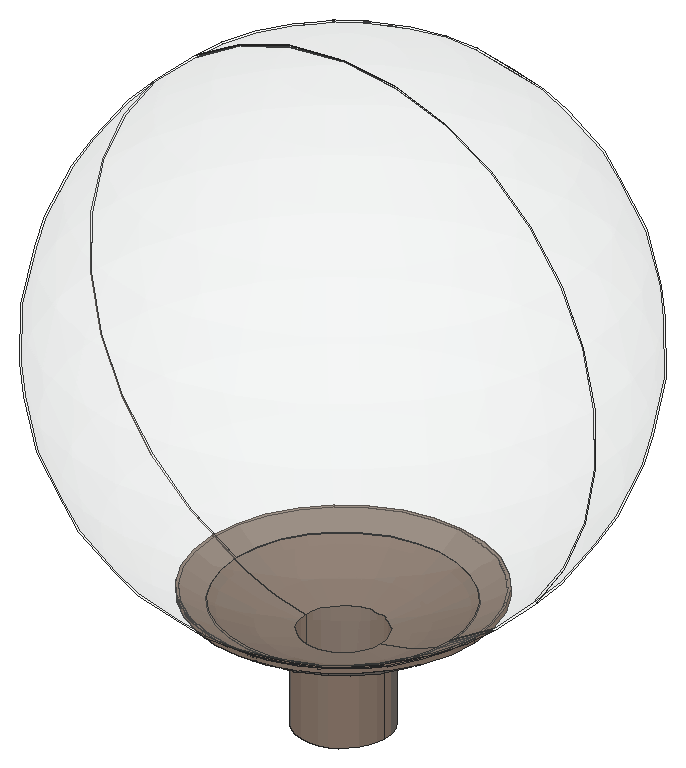
Revit family "WG022", category Generic Models, Revit 2014
Parameters
  GLASS = Glass
  CAST = Bronze, Architectural
Reference planes (in)
  plane 1 "Center (Front/Back)": y = 0
  plane 2: z = 0
  plane 3 "Center (Left/Right)": x = 0
Forms (in)
  Revolve 1, solid, material "Bronze, Architectural" <- "CAST"
    sketch origin (0, 0, 0) x (1, 0, 0) y (0, 0, 1)
      loop
        line (-1.81658, 0) -> (-1.62908, 0) -> (-1.62908, 3.59945)
        arc (-1.62908, 3.59945) -> (-3.69577, 4.15546) -> (-5.55791, 5.21035) r 8.49505
        line (-5.55791, 5.21035) -> (-5.67014, 5.23185) -> (-5.67014, 5.06015)
        arc (-5.67014, 5.06015) -> (-3.8425, 4.01339) -> (-1.81658, 3.4375) r 8.68255
        line (-1.81658, 3.4375) -> (-2.00408, 3.4375) -> (-2.00408, 3.25) -> (-1.81658, 3.25) -> (-1.81658, 0)
      axis (0, 5.23185) -> (0, 0)
    angle from 0 to 360
  Revolve 2, solid, material "Glass" <- "GLASS"
    sketch origin (0, 0, 0) x (1, 0, 0) y (0, 0, 1)
      loop
        line (-4.6367, 4.69427) -> (-4.60439, 4.74818)
        arc (-4.60439, 4.74818) -> (-10.66909, 17.0149) -> (0, 25.58366) r 10.9265
        line (0, 25.58366) -> (0, 25.64616)
        arc (0, 25.64616) -> (-10.72941, 17.0316) -> (-4.6367, 4.69427) r 10.989
      axis (0, 25.64616) -> (0, 4.69427)
    angle from 0 to 360
Dimensions and locks (in)
  aligned and locked: plane 2 to level
